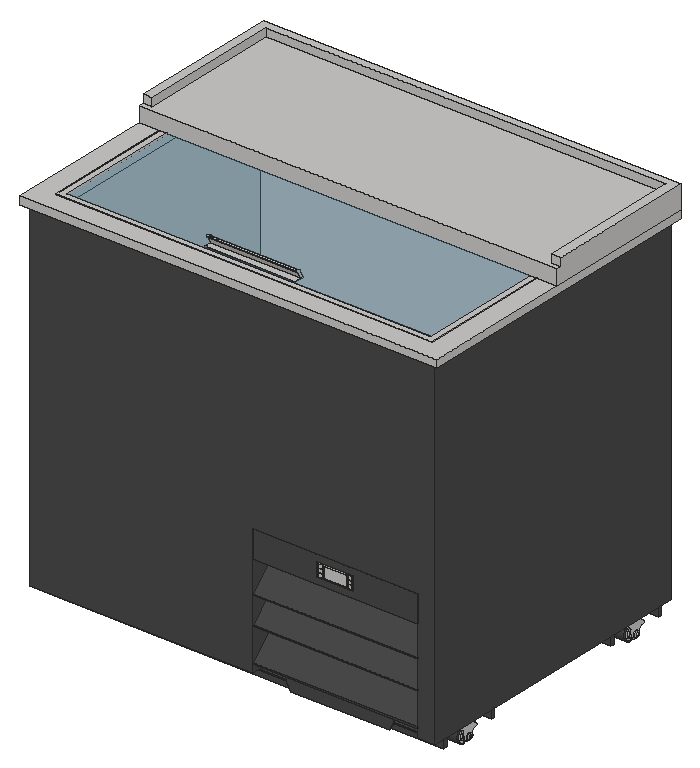
Revit family "QF_Kelvinator_738328_KCHGF36", category Specialty Equipment, Revit 2021
Family settings
  Round Connector Dimension = Use Diameter
  Part Type = Normal
  Work Plane-Based = No
  Always vertical = Yes
  Cut with Voids When Loaded = No
  Shared = No
  Room Calculation Point = No
Parameters
  Weight in Pounds = 149.914
  Weight = 68.00 lbm
  Watts = 0 W
  Volts = 115 V
  URL Manufacturer = "KELVINATOR"
  URL Cutsheet = ""
  URL = "KELVINATOR"
  Specification by User = ""
  Specification by Manufacturer = ""
  Serial Number = ""
  Seismic Rating = ""
  SMACNA No = ""
  Revision Code = ""
  Refrigerant Type = "R290"
  Phase = 1
  Number of Poles = 1
  NAFEM Spec ID Number = ""
  Model = "KCHGF36"
  Min Ckt Ampacity = 0 A
  Max Overcurrent Protection = 0 A
  Masterspec = ""
  Manufacturer = "Kelvinator"
  Length Actual = 938"
  Length = 36 15/16"
  Item Number = "738328"
  Installed By = ""
  Identify Quantity as Lot = yes
  Height Actual = 885"
  Height = 34 13/16"
  HP = "0.2 HP"
  Gas KW = 0
  Furnished By = ""
  Foodservice Equipment Identifier = yes
  FL Amps = 1.5 A
  Electrical Remarks = ""
  Electric Connection Type = ""
  Elec Conn RI Height = 0"
  Elec Conn Connection Height = 0"
  Description = "SLIDE TOP MUG/GLASS FROSTER 36\" LONG"
  Depth Actual = 687"
  Depth = 27 1/16"
  Default Elevation = 0"
  Cycle = 60 Hz
  Conn Plug = "5-15P"
  Conn Conduit = yes
  CSI MasterFormat = ""
  Apparent Power = 0 VA
  Accessory = no
Reference planes (in)
  plane 1 "BACK": y = 0
  plane 2: z = 0
  plane 3 "LEFT": x = 0
  plane 4 "RIGHT": x = 36.9375
  plane 5 "FRONT": y = -27.0625
  plane 6 "TOP": z = 34.8125
  plane 7 "Center Y": x = 18.46875
  plane 8 "Center X": y = -13.53125
  plane 9: x = 36.9375
  plane 10: y = -27.0625
  plane 11: z = 34.8125
Dimensions and locks (in)
  equal spacing: plane 3 "LEFT", plane 7 "Center Y", plane 4 "RIGHT"
  "Length": plane 3 "LEFT" to plane 4 "RIGHT"
  equal spacing: plane 5 "FRONT", plane 8 "Center X", plane 1 "BACK"
  "Depth": plane 5 "FRONT" to plane 1 "BACK"
  "Height": plane 6 "TOP" to level
  plane 3 "LEFT" to plane 9 = 36 15/16"
  plane 10 to plane 1 "BACK" = 27 1/16"
  plane 11 to level = 34 13/16"
  aligned and locked: level to plane 2
Nested families (in)
  nested 1: "Family1" at (0, 0, 0), type "Family1"
Connectors (in)
  electrical at (23.0395, -1.10078, 1.25331), driven by "Volts", driven by "Watts"
    settings: on nested 1, index 1, voltage 115 V, apparent load 0 VA, apparent load phase1 0 VA, apparent load phase2 0 VA, apparent load phase3 0 VA, power factor 1, load classification "Power", number of poles 1, system type 30, power factor state 1, is connector primary yes, connector utility no, sub classification motor no, connector description "Electrical Connection"
Definition of nested family "Family1"
  Parameters (values of type "Family1")
    Weight in Pounds = 0
    URL Cutsheet = ""
    Specification by User = ""
    Specification by Manufacturer = ""
    Serial Number = ""
    Seismic Rating = ""
    SMACNA No = ""
    Revision Code = ""
    NAFEM Spec ID Number = ""
    Masterspec = ""
    Length = 36.929"
    Item Number = ""
    Installed By = ""
    Identify Quantity as Lot = yes
    Height = 34.843"
    Furnished By = ""
    Foodservice Equipment Identifier = yes
    Depth = 27.047"
    Default Elevation = 0"
    CSI MasterFormat = ""
  Reference planes (in)
    plane 1 "BACK": y = 0
    plane 2: z = 0
    plane 3 "LEFT": x = 0
    plane 4 "RIGHT": x = 36.929
    plane 5 "FRONT": y = -27.047
    plane 6 "TOP": z = 34.843
    plane 7 "Center Y": x = 18.4645
    plane 8 "Center X": y = -13.5235
    plane 9: z = 1.7375
    plane 10: z = 13.2
    plane 11: x = 35.3915
    plane 12: x = 1.5
    plane 13: y = -26.5735
    plane 14: y = -0.4735
    plane 15: x = 36.4145
    plane 16: x = 0.5145
    plane 17: z = 32.7275
    plane 18: z = 32.0275
    plane 19: x = 36.9375
    plane 20: y = -27.0625
    plane 21: z = 34.8125
  Forms (in)
    Extrusion 1, solid
      sketch origin (0, 0, 0) x (0, 1, 0) y (0, 0, 1)
        loop
          line (-26.5735, 32.0275) -> (-26.5735, 1.7375) -> (-0.4735, 1.7375) -> (-0.4735, 32.0275) -> (-26.5735, 32.0275)
      from 0.5145 to 36.4145
    Extrusion 2, solid
      sketch origin (0, 0, 7.1225) x (0, 1, 0) y (0, 0, 1)
        loop
          line (-27.0625, 24.905) -> (0, 24.905) -> (0, 25.605) -> (-27.0625, 25.605) -> (-27.0625, 24.905)
      from 0 to 36.929
    Extrusion 3, solid
      sketch origin (0, 0, 0) x (0, 1, 0) y (0, 0, 1)
        loop
          line (-13.75, 32.7275) -> (0, 32.7275) -> (0, 34.093) -> (-13.75, 34.093) -> (-13.75, 32.7275)
      from 0 to 36.9375
    Extrusion 4, solid
      sketch origin (0, 0.41559, 34.093) x (0, -1, 0) y (1, 0, 0)
        loop
          line (0.41559, 36.9375) -> (0.41559, 0) -> (13.75, 0) -> (13.75, 0.75) -> (1.11193, 0.75) -> (1.11193, 36.179) -> (13.75, 36.179) -> (13.75, 36.9375) -> (0.41559, 36.9375)
      from 0 to 0.7195
    Extrusion 5, void
      sketch origin (0, 0.25, 32.7275) x (1, 0, 0) y (0, -1, 0)
        loop
          line (1.7475, 2.9345) -> (35.1415, 2.9345) -> (35.1415, 25.05) -> (1.7475, 25.05) -> (1.7475, 2.9345)
      from 0 to 17.9
    Extrusion 6, solid
      sketch origin (0, -27.047, 32.0275) x (1, 0, 0) y (0, -1, 0)
        loop
          line (2.35625, -16.74637) -> (34.6415, -16.74637) -> (34.6415, -2.247) -> (2.35625, -2.247) -> (2.35625, -16.74637)
      from 0 to -0.57542
    Extrusion 7, solid
      sketch origin (18.4645, -181, 39.197) x (0, 0, -1) y (0, -1, 0)
        loop
          arc (6.4695, -156.32682) -> (6.4445, -156.30182) -> (6.4195, -156.32682) r 0.025
          line (6.4195, -156.32682) -> (6.4195, -156.96622) -> (5.86732, -156.69013)
          arc (5.86732, -156.69013) -> (5.79987, -156.64151) -> (5.75125, -156.57405) r 0.25955
          arc (5.75125, -156.57405) -> (5.69185, -156.58585) -> (5.65694, -156.63533) r 0.08161
          arc (5.65694, -156.63533) -> (5.67142, -156.77836) -> (5.77169, -156.8814) r 0.21839
          line (5.77169, -156.8814) -> (6.40165, -157.19639)
          arc (6.40165, -157.19639) -> (6.44727, -157.19433) -> (6.4695, -157.15445) r 0.04688
          line (6.4695, -157.15445) -> (6.4695, -156.32682)
      from -4 to 4
    Extrusion 8, void
      sketch origin (34.879, -27.76247, 48) x (0, -1, 0) y (0, 0, -1)
        loop
          line (-0.93897, 46.5) -> (-3.02319, 46.5) -> (-3.02319, 34.8) -> (-0.93897, 34.8) -> (-0.93897, 46.5)
      from 0 to -14.6
    Extrusion 9, solid
      sketch origin (16.28737, -26.5735, 2.88123) x (-1, 0, 0) y (0, 0, 1)
        loop
          line (-9.71683, 9.70772) -> (-12.86643, 9.70772) -> (-12.86643, 8.52662) -> (-9.71683, 8.52662) -> (-9.71683, 9.70772)
        loop
          line (-9.79557, 9.63107) -> (-10.18927, 9.63107) -> (-10.18927, 9.31193) -> (-9.79557, 9.31193) -> (-9.79557, 9.63107)
        loop
          line (-9.79557, 9.27674) -> (-10.18927, 9.27674) -> (-10.18927, 8.9576) -> (-9.79557, 8.9576) -> (-9.79557, 9.27674)
        loop
          line (-9.79557, 8.92241) -> (-10.18927, 8.92241) -> (-10.18927, 8.60327) -> (-9.79557, 8.60327) -> (-9.79557, 8.92241)
        loop
          line (-12.78769, 9.63107) -> (-12.78769, 9.31193) -> (-12.39399, 9.31193) -> (-12.39399, 9.63107) -> (-12.78769, 9.63107)
        loop
          line (-12.78769, 9.27674) -> (-12.78769, 8.9576) -> (-12.39399, 8.9576) -> (-12.39399, 9.27674) -> (-12.78769, 9.27674)
        loop
          line (-12.78769, 8.92241) -> (-12.78769, 8.60327) -> (-12.39399, 8.60327) -> (-12.39399, 8.92241) -> (-12.78769, 8.92241)
        loop
          line (-10.26675, 9.63107) -> (-12.31651, 9.63107) -> (-12.31651, 8.60716) -> (-10.26675, 8.60716) -> (-10.26675, 9.63107)
      from 0.07874 to -0.04602
    Extrusion 10, solid
      sketch origin (16.28737, -26.61952, 2.88123) x (1, 0, 0) y (0, 0, 1)
        loop
          line (12.39399, 9.63107) -> (12.39399, 9.31193) -> (12.78769, 9.31193) -> (12.78769, 9.63107) -> (12.39399, 9.63107)
        loop
          line (12.39399, 9.27674) -> (12.39399, 8.9576) -> (12.78769, 8.9576) -> (12.78769, 9.27674) -> (12.39399, 9.27674)
        loop
          line (12.39399, 8.92241) -> (12.39399, 8.60327) -> (12.78769, 8.60327) -> (12.78769, 8.92241) -> (12.39399, 8.92241)
        loop
          line (10.18927, 9.63107) -> (9.79557, 9.63107) -> (9.79557, 9.31193) -> (10.18927, 9.31193) -> (10.18927, 9.63107)
        loop
          line (10.18927, 9.27674) -> (9.79557, 9.27674) -> (9.79557, 8.9576) -> (10.18927, 8.9576) -> (10.18927, 9.27674)
        loop
          line (10.18927, 8.92241) -> (9.79557, 8.92241) -> (9.79557, 8.60327) -> (10.18927, 8.60327) -> (10.18927, 8.92241)
      from 0 to -0.07874
    Extrusion 11, solid
      sketch origin (16.28737, -26.61952, 2.88123) x (1, 0, 0) y (0, 0, 1)
        loop
          line (10.26675, 9.63107) -> (10.26675, 8.60716) -> (12.31651, 8.60716) -> (12.31651, 9.63107) -> (10.26675, 9.63107)
      from 0 to -0.07874
    Extrusion 12, void
      sketch origin (16.28737, -26.5735, 2.88123) x (-1, 0, 0) y (0, 0, 1)
        loop
          line (-9.71683, 9.70772) -> (-12.86643, 9.70772) -> (-12.86643, 8.52662) -> (-9.71683, 8.52662) -> (-9.71683, 9.70772)
      from 0 to 0.07874
    Extrusion 13, solid
      sketch origin (11.325, -0.575, 1.7375) x (-1, 0, 0) y (0, 1, 0)
        loop
          circle (-11.7145, -0.52578) r 0.25
      from 0 to 0.48419
    Extrusion 14, solid
      sketch origin (0, 0, 32.7275) x (0, -1, 0) y (1, 0, 0)
        loop
          line (10.30063, 1.7475) -> (25.3, 1.7475) -> (25.3, 35.1415) -> (10.30063, 35.1415) -> (10.30063, 34.6415) -> (24.8, 34.6415) -> (24.8, 2.35625) -> (10.30063, 2.35625) -> (10.30063, 1.7475)
      from 0 to -0.75
    Extrusion 15, solid
      sketch origin (0.5145, 0, 0) x (0, -1, 0) y (0, 0, 1)
        loop
          line (25.547, 1.7375) -> (25.297, 1.7375) -> (25.297, 0.9875) -> (25.547, 0.9875) -> (25.547, 1.7375)
        loop
          line (20.01664, 1.7375) -> (20.01664, 0.9875) -> (20.26664, 0.9875) -> (20.26664, 1.7375) -> (20.01664, 1.7375)
        loop
          line (7.047, 1.7375) -> (6.797, 1.7375) -> (6.797, 0.9875) -> (7.047, 0.9875) -> (7.047, 1.7375)
        loop
          line (1.51664, 1.7375) -> (1.51664, 0.9875) -> (1.76664, 0.9875) -> (1.76664, 1.7375) -> (1.51664, 1.7375)
      from 0 to -35.9
    Extrusion 16, solid
      sketch origin (0, -26.5735, 1.7375) x (0, 0, 1) y (-1, 0, 0)
        loop
          line (9.0593, -20.279) -> (9.0593, -34.879) -> (11.4625, -34.879) -> (11.4625, -20.279) -> (9.0593, -20.279)
      from 0 to -1.789
    Extrusion 17, solid
      sketch origin (20.279, -27.76247, 48) x (0, -1, 0) y (0, 0, -1)
        loop
          line (-1.18897, 45.5125) -> (-3.02319, 43.67828) -> (-3.02319, 43.42828) -> (-2.96019, 43.42828) -> (-2.96019, 43.65218) -> (-1.18897, 45.4234) -> (-1.18897, 45.5125)
        loop
          line (-1.18897, 42.5125) -> (-3.02319, 40.67828) -> (-3.02319, 40.42828) -> (-2.96019, 40.42828) -> (-2.96019, 40.65218) -> (-1.18897, 42.4234) -> (-1.18897, 42.5125)
        loop
          line (-1.18897, 40.0125) -> (-3.02319, 38.17828) -> (-3.02319, 37.92828) -> (-2.96019, 37.92828) -> (-2.96019, 38.15218) -> (-1.18897, 39.9234) -> (-1.18897, 40.0125)
        loop
          line (-3.02319, 46.2625) -> (-3.02319, 46.1995) -> (-1.77319, 46.1995) -> (-1.77319, 46.2625) -> (-3.02319, 46.2625)
      from 0 to 14.6
    Extrusion 18, solid
      sketch origin (20.279, -25.98928, 1.8005) x (0, 0, -1) y (1, 0, 0)
        loop
          line (-0.687, 12.05) -> (-0.687, 2.55) -> (0.063, 2.55) -> (0.71252, 2.925) -> (0.71252, 11.675) -> (0.063, 12.05) -> (-0.687, 12.05)
      from 0 to 0.063
  Cuts and joins
    joined: Extrusion 3, Extrusion 4
    Extrusion 5, Extrusion 8 cuts Extrusion 1
    Extrusion 5 cuts Extrusion 2
    Extrusion 12 cuts Extrusion 9
  Lines and regions (in)
    symbolic lines
      curve 1: line (0.75, -0.69634, 0) -> (36.179, -0.69634, 0)
      curve 2: line (36.9375, 0, 0) -> (0, 0, 0)
      curve 3: line (0.75, -13.33441, 0) -> (0.75, -0.69634, 0)
      curve 4: line (0, 0, 0) -> (0, -27.047, 0)
      curve 5: line (36.9375, -27.047, 0) -> (36.9375, 0, 0)
      curve 6: line (36.179, -0.69634, 0) -> (36.179, -13.33441, 0)
      curve 7: line (36.179, -13.33441, 0) -> (36.9375, -13.33441, 0)
      curve 8: line (0, -13.75, 0) -> (36.9375, -13.75, 0)
      curve 9: line (0, -13.33441, 0) -> (0.75, -13.33441, 0)
      curve 10: line (0, -27.047, 0) -> (36.9375, -27.047, 0)
      curve 11: line (1.7475, -25.2845, 0) -> (35.1415, -25.2845, 0)
      curve 12: line (1.7475, -13.75, 0) -> (1.7475, -25.2845, 0)
      curve 13: line (2.35625, -13.75, 0) -> (2.35625, -24.7845, 0)
      curve 14: line (35.1415, -13.75, 0) -> (35.1415, -25.2845, 0)
      curve 15: line (34.6415, -13.75, 0) -> (34.6415, -24.7845, 0)
      curve 16: line (34.6415, -24.7845, 0) -> (2.35625, -24.7845, 0)
      curve 17: line (22.4645, -24.42595, 0) -> (14.4645, -24.42595, 0)
      curve 18: line (22.4645, -24.69818, 0) -> (22.4645, -23.79866, 0)
      curve 19: line (14.4645, -23.79866, 0) -> (14.4645, -24.69818, 0)
      curve 20: line (14.4645, -23.79866, 0) -> (22.4645, -23.79866, 0)
      curve 21: line (14.4645, -24.69818, 0) -> (22.4645, -24.69818, 0)
      curve 22: line (2.35625, -23.72382, 0) -> (34.6415, -23.72382, 0)
  Dimensions and locks (in)
    equal spacing: plane 3 "LEFT", plane 7 "Center Y", plane 4 "RIGHT"
    "Length": plane 3 "LEFT" to plane 4 "RIGHT"
    equal spacing: plane 5 "FRONT", plane 8 "Center X", plane 1 "BACK"
    "Depth": plane 5 "FRONT" to plane 1 "BACK"
    "Height": plane 6 "TOP" to level
    plane 10 to cut or joined group of Extrusion 1, Extrusion 5, Extrusion 8 = 11.4625"
    locked: plane 4 "RIGHT" to plane 11 at 1.5375
    plane 13 to plane 14 = 26.1"
    plane 16 to plane 15 = 35.9"
    plane 9 to level = 1.7375"
    plane 18 to plane 17 = 0.7"
    cut or joined group of Extrusion 1, Extrusion 5, Extrusion 8 to cut or joined group of Extrusion 1, Extrusion 5, Extrusion 8 = 22.1155"
    plane 3 "LEFT" to plane 19 = 36 15/16"
    plane 1 "BACK" to plane 20 = 27 1/16"
    plane 21 to level = 34 13/16"
    aligned and locked: level to plane 2
    aligned and locked: cut or joined group of Extrusion 2, Extrusion 5 to plane 4 "RIGHT"
    aligned and locked: plane 11 to nested 3
    aligned and locked: cut or joined group of Extrusion 2, Extrusion 5 to Extrusion 14
    aligned and locked: Extrusion 14 to curve 12
    aligned and locked: plane 11 to nested 1
    aligned and locked: Extrusion 6 to Extrusion 14
    aligned and locked: Extrusion 14 sketch curve to cut or joined group of Extrusion 2, Extrusion 5
    aligned and locked: cut or joined group of Extrusion 1, Extrusion 5, Extrusion 8 to Extrusion 17
  Automatic sketch dimensions
    plane 1 "BACK" to Extrusion 1 sketch curve = 0.4735"
    Extrusion 1 sketch curve to plane 9 = 0"
    plane 5 "FRONT" to Extrusion 2 sketch curve = 0.0155"
    Extrusion 2 sketch curve to plane 1 "BACK" = 0"
    Extrusion 3 sketch curve to plane 1 "BACK" = 0"
    Extrusion 3 sketch curve to plane 6 "TOP" = 3/4"
    Extrusion 4 sketch curve to Extrusion 3 = 0"  (x2)
    Extrusion 3 to Extrusion 4 sketch curve = 0"
    Extrusion 3 to Extrusion 4 sketch curve = 0.69634"
    Extrusion 4 sketch curve to Extrusion 3 = 0.41559"  (x2)
    Extrusion 3 to Extrusion 4 sketch curve = 3/4"
    Extrusion 3 to Extrusion 4 sketch curve = 0.7585"
    Extrusion 2 to Extrusion 5 sketch curve = 1.7475"
    Extrusion 2 to Extrusion 5 sketch curve = 1.7875"
    Extrusion 5 sketch curve to Extrusion 2 = 2.2625"
    Extrusion 6 sketch curve to Extrusion 2 = 2.35625"
    Extrusion 6 sketch curve to Extrusion 2 = 2.2625"
    Extrusion 6 sketch curve to Extrusion 6 sketch curve = 32.28525"
    Extrusion 6 sketch curve to Extrusion 2 = 10.30063"
    Extrusion 9 sketch curve to plane 10 = 0.61105"
    Extrusion 9 sketch curve to Extrusion 9 sketch curve = 0.07874"  (x3)
    Extrusion 9 sketch curve to Extrusion 9 sketch curve = 0"  (x8)
    Extrusion 9 sketch curve to Extrusion 9 sketch curve = 0.3937"  (x2)
    Extrusion 9 sketch curve to Extrusion 9 sketch curve = 0.07748"  (x3)
    Extrusion 9 sketch curve to Extrusion 9 sketch curve = 2.04976"
    Extrusion 9 sketch curve to Extrusion 9 sketch curve = 0.07665"  (x2)
    Extrusion 9 sketch curve to Extrusion 9 sketch curve = 0.31914"  (x6)
    Extrusion 9 sketch curve to Extrusion 9 sketch curve = 0.03519"  (x4)
    Extrusion 9 sketch curve to Extrusion 9 sketch curve = 0.31525"
    Extrusion 9 to Extrusion 10 sketch curve = 0"  (x10)
    Extrusion 10 sketch curve to Extrusion 9 = 0"  (x14)
    Extrusion 11 sketch curve to Extrusion 9 = 0"  (x3)
    Extrusion 9 to Extrusion 11 sketch curve = 0"
    Extrusion 12 sketch curve to plane 10 = 0.61105"
    Extrusion 12 sketch curve to Extrusion 12 sketch curve = 3.14961"
    Extrusion 12 sketch curve to Extrusion 12 sketch curve = 1.1811"
    Extrusion 1 to Extrusion 13 sketch curve = 0.62728"
    Extrusion 13 sketch curve to Extrusion 1 = 13 3/8"
    Extrusion 2 sketch curve to Extrusion 2 sketch curve = 0.7"
    Extrusion 1 sketch curve to plane 6 "TOP" = 2.8155"
    Extrusion 2 sketch curve to plane 6 "TOP" = 2.8155"
    Extrusion 3 sketch curve to Extrusion 3 sketch curve = 1.3655"
    Extrusion 1 sketch curve to plane 5 "FRONT" = 0.4735"
    Extrusion 7 sketch curve to plane 6 "TOP" = 1.38232"
    Extrusion 7 sketch curve to Extrusion 7 sketch curve = 0.03537"
    Extrusion 7 sketch curve to Extrusion 7 sketch curve = 0.13101"
    Extrusion 7 sketch curve to Extrusion 7 sketch curve = 0.00203"
    Extrusion 7 sketch curve to Extrusion 7 sketch curve = 0.11405"
    Extrusion 7 sketch curve to Extrusion 7 sketch curve = 0.02097"
    Extrusion 7 sketch curve to Extrusion 7 sketch curve = 0.4611"
    Extrusion 7 sketch curve to Extrusion 7 sketch curve = 3/64"
    Extrusion 7 sketch curve to plane 5 "FRONT" = 3.24339"
    Extrusion 7 sketch curve to Extrusion 7 sketch curve = 0.31498"
    Extrusion 7 sketch curve to Extrusion 7 sketch curve = 0.19128"
    Extrusion 7 sketch curve to Extrusion 7 sketch curve = 0.00406"
    Extrusion 7 sketch curve to Extrusion 7 sketch curve = 0.03584"
    Extrusion 7 sketch curve to Extrusion 7 sketch curve = 0.22809"
    Extrusion 7 sketch curve to Extrusion 7 sketch curve = 0.13115"
    Extrusion 7 sketch curve to Extrusion 7 sketch curve = 0"
    Extrusion 7 sketch curve to Extrusion 7 sketch curve = 0.00312"
    Extrusion 7 sketch curve to Extrusion 7 sketch curve = 0.18824"
    Extrusion 3 sketch curve to plane 8 "Center X" = 0.2265"
    plane 1 "BACK" to curve 4 = 0"
    curve 4 to plane 3 "LEFT" = 0"
    curve 5 to plane 4 "RIGHT" = 0.0085"
    plane 5 "FRONT" to curve 5 = 0"
    plane 3 "LEFT" to curve 3 = 3/4"
    curve 21 to plane 7 "Center Y" = 4"
    curve 11 to curve 16 = 1/2"
    plane 8 "Center X" to curve 9 = 0.18909"
    plane 8 "Center X" to curve 7 = 0.18909"
    curve 19 to curve 17 = 0.27223"
    curve 12 to plane 8 "Center X" = 0.2265"
    Extrusion 2 to Extrusion 14 sketch curve = 1.7475"
    Extrusion 2 to Extrusion 14 sketch curve = 10.30063"  (x2)
    Extrusion 2 to Extrusion 14 sketch curve = 2.2875"
    Extrusion 14 sketch curve to Extrusion 2 = 2.2625"
    Extrusion 14 sketch curve to Extrusion 14 sketch curve = 1/2"
    Extrusion 14 sketch curve to Extrusion 14 sketch curve = 0.60875"
    curve 12 to plane 5 "FRONT" = 1.7625"
    curve 19 to plane 5 "FRONT" = 2.34882"
    curve 17 to curve 20 = 0.62728"
    curve 13 to curve 22 = 1.06068"
    curve 1 to plane 14 = 0.22284"
    curve 11 to plane 11 = 1/4"
    curve 15 to curve 11 = 1/2"
    plane 7 "Center Y" to curve 18 = 4"
    Extrusion 9 sketch curve to plane 11 = 6.2377"
    Extrusion 12 sketch curve to plane 11 = 6.2377"
    curve 11 to curve 13 = 0.60875"
    Extrusion 2 to Extrusion 5 sketch curve = 2.6845"
    Extrusion 1 to Extrusion 15 sketch curve = 0"  (x4)
    Extrusion 15 sketch curve to Extrusion 1 = 1.04314"
    Extrusion 15 sketch curve to Extrusion 15 sketch curve = 1/4"  (x4)
    Extrusion 1 to Extrusion 15 sketch curve = 3/4"
    Extrusion 15 sketch curve to Extrusion 15 sketch curve = 5.03036"
    Extrusion 15 sketch curve to Extrusion 1 = 6.55686"
    Extrusion 15 sketch curve to Extrusion 1 = 1.2765"
    Extrusion 15 sketch curve to Extrusion 15 sketch curve = 3/4"  (x3)
    plane 9 to Extrusion 8 sketch curve = 0.2375"
    Extrusion 8 sketch curve to plane 13 = 1.83422"
    plane 5 "FRONT" to Extrusion 8 sketch curve = 0.2235"
    plane 10 to Extrusion 8 sketch curve = 0"
    Extrusion 1 to Extrusion 16 sketch curve = 1.5355"
    Extrusion 16 sketch curve to Extrusion 1 = 9.0593"
    Extrusion 16 sketch curve to Extrusion 16 sketch curve = 2.4032"
    Extrusion 16 sketch curve to Extrusion 16 sketch curve = 14.6"
    Extrusion 17 sketch curve to Extrusion 8 = 0"  (x4)
    Extrusion 8 to Extrusion 17 sketch curve = 0.063"  (x2)
    Extrusion 17 sketch curve to Extrusion 17 sketch curve = 0.063"  (x2)
    Extrusion 8 to Extrusion 17 sketch curve = 1/4"  (x3)
    Extrusion 8 to Extrusion 17 sketch curve = 0.2375"
    Extrusion 17 sketch curve to Extrusion 17 sketch curve = 0.687"
    Extrusion 17 sketch curve to Extrusion 17 sketch curve = 0.0891"  (x3)
    Extrusion 17 sketch curve to Extrusion 17 sketch curve = 2.52122"
    Extrusion 17 sketch curve to Extrusion 17 sketch curve = 0.0261"  (x3)
    Extrusion 17 sketch curve to Extrusion 17 sketch curve = 0.2239"  (x3)
    Extrusion 17 sketch curve to Extrusion 17 sketch curve = 0.91578"
    Extrusion 17 sketch curve to Extrusion 17 sketch curve = 1.74513"
    Extrusion 17 sketch curve to Extrusion 17 sketch curve = 0.41578"
    Extrusion 17 sketch curve to Extrusion 17 sketch curve = 2 1/4"
    Extrusion 8 to Extrusion 17 sketch curve = 0.83422"
    Extrusion 18 sketch curve to Extrusion 17 = 0"  (x2)
    Extrusion 18 sketch curve to Extrusion 17 = 0.64952"
    Extrusion 17 to Extrusion 18 sketch curve = 2.55"
    Extrusion 18 sketch curve to Extrusion 18 sketch curve = 3/8"  (x2)
    Extrusion 17 to Extrusion 18 sketch curve = 2.925"
    Extrusion 18 sketch curve to Extrusion 17 = 0.687"
    curve 6 to plane 15 = 0.2355"
    radius of Extrusion 13 sketch curve = 1/4"
  Nested families (in)
    nested 1: "2 INCHES_CASTER" at (35.3915, -23.25, 0), type "2 INCHES_CASTER"
      with Type Mark "", Specification by User "", Revision Code "", Item Number "", Installed By "", Identify Quantity as Lot yes, Furnished By "", Foodservice Equipment Identifier yes, 2.5 Inches Caster yes
    nested 2: "2 INCHES_CASTER" at (1.5, -23.25, 0), type "2 INCHES_CASTER"
      with Type Mark "", Specification by User "", Revision Code "", Item Number "", Installed By "", Identify Quantity as Lot yes, Furnished By "", Foodservice Equipment Identifier yes, 2.5 Inches Caster yes
    nested 3: "2 INCHES_CASTER" at (35.3915, -4.75, 0), type "2 INCHES_CASTER"
      with Type Mark "", Specification by User "", Revision Code "", Item Number "", Installed By "", Identify Quantity as Lot yes, Furnished By "", Foodservice Equipment Identifier yes, 2.5 Inches Caster yes
    nested 4: "2 INCHES_CASTER" at (1.5, -4.75, 0), type "2 INCHES_CASTER"
      with Type Mark "", Specification by User "", Revision Code "", Item Number "", Installed By "", Identify Quantity as Lot yes, Furnished By "", Foodservice Equipment Identifier yes, 2.5 Inches Caster yes
  Definition of nested family "2 INCHES_CASTER"
    Parameters (values of type "2 INCHES_CASTER")
      Weight = ""
      URL Manufacturer = ""
      URL Cutsheet = ""
      URL = ""
      Type Mark [instance] = ""
      Specification by User [instance] = ""
      Specification by Manufacturer = ""
      Serial Number = ""
      Seismic Rating = ""
      SMACNA No = ""
      Revision Code [instance] = ""
      Omniclass Number and Title = ""
      NAFEM Spec ID Number = ""
      Model = ""
      MasterSpec. = ""
      Manufacturer = ""
      Item Number [instance] = ""
      Installed By [instance] = ""
      Identify Quantity as Lot [instance] = yes
      Furnished By [instance] = ""
      Foodservice Equipment Identifier [instance] = yes
      Description = ""
      Default Elevation = 0"
      CSI MasterFormat = ""
      CSI Master Format = ""
      Assembly Code = ""
      2.5 Inches Caster [instance] = yes
    Reference planes (in)
      plane 1: z = 0
      plane 2 "RIGHT": x = 0
      plane 3 "FRONT": y = 0
      plane 4 "TOP": z = 1.8125
    Forms (in)
      Revolve 1, solid, visible <- "2.5 Inches Caster"
        sketch origin (-1.93794, 0.46818, -1.0041) x (1, 0, 0) y (0, 0, 1)
          loop
            line (0.74055, 1.73847) -> (0.74055, 1.66297) -> (0.79055, 1.61297) -> (0.85055, 1.61297) -> (0.85055, 1.4929) -> (1.235, 1.4929) -> (1.235, 1.42555) -> (1.38673, 1.33795) -> (1.4003, 1.2541) -> (1.34375, 1.2541) -> (1.34375, 1.1291) -> (1.375, 1.1291) -> (1.375, 1.0041) -> (2.48438, 1.0041) -> (2.48438, 1.1291) -> (2.51563, 1.1291) -> (2.51563, 1.2541) -> (2.45908, 1.2541) -> (2.47322, 1.34147) -> (2.62438, 1.42874) -> (2.62438, 1.4929) -> (3.04007, 1.4929) -> (3.04007, 1.61297) -> (3.10007, 1.61297) -> (3.15007, 1.66297) -> (3.15007, 1.73847) -> (0.74055, 1.73847)
          axis (0.74055, 1.73847) -> (3.15007, 1.73847)
        angle from 0 to 360
      Extrusion 2, solid, visible <- "2.5 Inches Caster"
        sketch origin (-1.93794, 1.43296, -3.54027) x (0, 1, 0) y (0, 0, 1)
          loop
            line (-0.72106, 5.25902) -> (-2.13481, 5.25902) -> (-2.13481, 5.15394) -> (-1.37414, 5.15394)
            arc (-1.37414, 5.15394) -> (-0.65149, 5.07387) -> (0.00081, 4.75271) r 2.10495
            line (0.00081, 4.75271) -> (0.049, 4.81943)
            arc (0.049, 4.81943) -> (-0.15067, 4.97001) -> (-0.36861, 5.09269) r 1.8753
            line (-0.36861, 5.09269) -> (-0.31311, 5.18871)
            arc (-0.31311, 5.18871) -> (-0.51408, 5.24132) -> (-0.72106, 5.25902) r 1.21859
        from 1.17357 to 2.70231
      Revolve 3, solid, visible <- "2.5 Inches Caster"
        sketch origin (0, 1.73858, -3.875) x (0, 1, 0) y (0, 0, 1)
          loop
            line (-1.73858, 5.59375) -> (-1.05793, 5.59375) -> (-1.05793, 5.6875) -> (-1.73858, 5.6875) -> (-1.73858, 5.59375)
          axis (-1.73858, 5.59375) -> (-1.73858, 5.6875)
        angle from 0 to 360
      Extrusion 4, solid, visible <- "2.5 Inches Caster"
        sketch origin (-1.98481, 1.43296, -1.8791) x (0, 1, 0) y (0, 0, 1)
          loop
            line (-2.13481, 3.59785) -> (-2.13481, 3.49277) -> (-1.87092, 3.49277)
            arc (-1.87092, 3.49277) -> (-1.53728, 3.22119) -> (-1.39241, 2.81612) r 0.80048
            arc (-1.39241, 2.81612) -> (-1.36136, 2.62044) -> (-1.29729, 2.43295) r 1.15385
            arc (-1.29729, 2.43295) -> (-0.94802, 2.21237) -> (-0.6121, 2.45278) r 0.37001
            arc (-0.6121, 2.45278) -> (-0.59625, 2.50123) -> (-0.58446, 2.55082) r 0.61695
            arc (-0.58446, 2.55082) -> (-0.40614, 2.91904) -> (-0.02203, 3.05992) r 0.54585
            line (-0.02203, 3.05992) -> (0.049, 3.15825)
            arc (0.049, 3.15825) -> (-0.15067, 3.30884) -> (-0.36861, 3.43151) r 1.8753
            line (-0.36861, 3.43151) -> (-0.31311, 3.52753)
            arc (-0.31311, 3.52753) -> (-0.51408, 3.58014) -> (-0.72106, 3.59785) r 1.21859
            line (-0.72106, 3.59785) -> (-2.13481, 3.59785)
        from 2.74918 to 2.90825
      Extrusion 5, solid, visible <- "2.5 Inches Caster"
        sketch origin (1.98481, 1.43296, -1.8791) x (0, 1, 0) y (0, 0, -1)
          loop
            line (-2.13481, -3.59785) -> (-0.72106, -3.59785)
            arc (-0.72106, -3.59785) -> (-0.51408, -3.58014) -> (-0.31311, -3.52753) r 1.21859
            line (-0.31311, -3.52753) -> (-0.36861, -3.43151)
            arc (-0.36861, -3.43151) -> (-0.15067, -3.30884) -> (0.049, -3.15825) r 1.8753
            line (0.049, -3.15825) -> (-0.02203, -3.05992)
            arc (-0.02203, -3.05992) -> (-0.40614, -2.91904) -> (-0.58446, -2.55082) r 0.54585
            arc (-0.58446, -2.55082) -> (-0.59625, -2.50123) -> (-0.6121, -2.45278) r 0.61695
            arc (-0.6121, -2.45278) -> (-0.94802, -2.21237) -> (-1.29729, -2.43295) r 0.37001
            arc (-1.29729, -2.43295) -> (-1.36136, -2.62044) -> (-1.39241, -2.81612) r 1.15385
            arc (-1.39241, -2.81612) -> (-1.53728, -3.22119) -> (-1.87092, -3.49277) r 0.80048
            line (-1.87092, -3.49277) -> (-2.13481, -3.49277) -> (-2.13481, -3.59785)
        from 2.74918 to 2.90825
    Cuts and joins
      joined: Revolve 1, Extrusion 2, Revolve 3, Extrusion 4, Extrusion 5
    Lines and regions (in)
      symbolic lines, visible <- "2.5 Inches Caster"
        curve 1: line (0.10651, 1.59133, 0) -> (0.80944, 1.1855, 0)
        curve 2: line (-0.89349, -0.14072, 0) -> (0.10651, 1.59133, 0)
        curve 3: line (-0.19056, -0.54656, 0) -> (-0.89349, -0.14072, 0)
        curve 4: line (0.80944, 1.1855, 0) -> (-0.19056, -0.54656, 0)
    Dimensions and locks (in)
      plane 4 "TOP" to level = 1 13/16"  (x2)
      aligned and locked: level to plane 1
